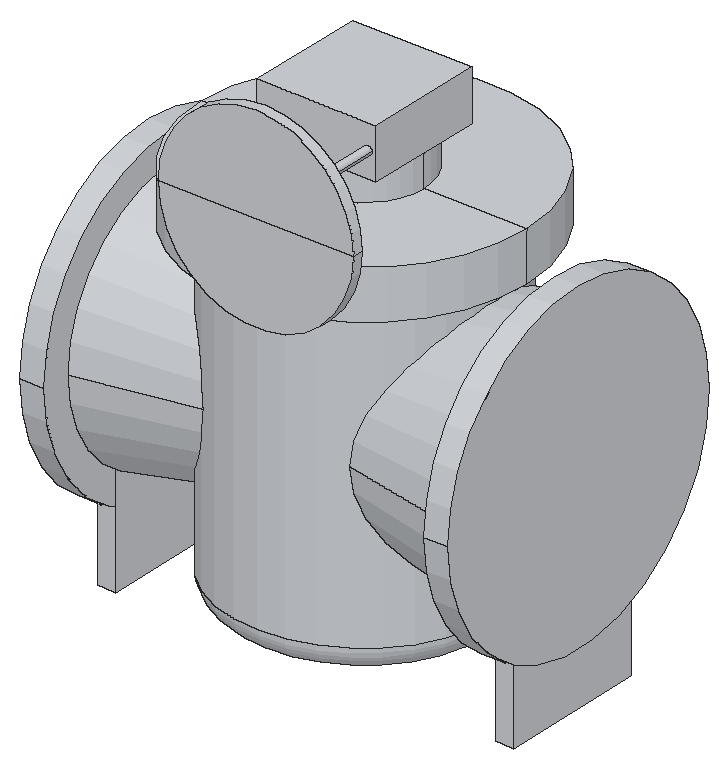
Revit family "f17d2474575947c581d04762b4c76229", category Pipe Accessories, Revit 2021
Family settings
  Round Connector Dimension = Use Radius
  Part Type = Valve - Breaks Into
  OmniClass Number = 23.65.55.14.17
  OmniClass Title = Adjusting/Controlling Valves for Liquid Services
  Work Plane-Based = No
  Always vertical = Yes
  Cut with Voids When Loaded = No
  Shared = No
Parameters (values of type "30"")
  Weight = 0.00 lbm
  Valve Material = none
  Symbol Length = 0.5 * Valve Length * tan(30.00°)  # 14.72243"
  Stem Radius = Valve Length / 10  # 5.1"
  Length 6 = Length 4 + Length 5 / 2  # 79.18446"
  Length 5 = Length 3 * Length 3 / Length 4  # 151.61893"
  Length 4 = Belly Radius - Body Radius  # 3 3/8"
  Length 3 = Valve Length / 2 - Flange Thickness  # 22 159/256"
  Length 2 = Stem Radius + 2"  # 7.1"
  Length 1 = Flange Radius  # 19 3/8"
  Hand Wheel Thickness = 1 1/4"  # constant formula
  Hand Wheel Offset = 23 3/4"
  Hand Wheel Diameter = 23 1/4"
  Gear Box Height = 6"
  Flange Diameter = 38 3/4"
  Depth = 26 3/8"
  Default Elevation = 0"
  Body Radius = Nominal Radius * 1.05 + 1/4"  # 16"
  Valve Height = 30 1/8"
  Nominal Radius = 15"
  Nominal Diameter = Nominal Radius * 2  # 30"
  K Coefficient = 7
  Hand Wheel Radius = Hand Wheel Diameter / 2  # 11 5/8"
  Hand Wheel Material = none
  Flange Thickness = 2 225/256"
  Flange Radius = Flange Diameter / 2  # 19 3/8"
  Bonnet Radius = Body Radius * 1.2 - Length 4  # 15.825"
  Bonnet Height = Body Radius + Flange Thickness / 2  # 17.43945"
  Valve Length = 51"
  Belly Radius = Flange Radius  # 19 3/8"
Types (4): name | Symbol Length | Stem Radius | Length 6 | Length 5 | Length 4 | Length 3 | Length 2 | Length 1 | Hand Wheel Offset | Hand Wheel Diameter | Gear Box Height | Flange Diameter | Depth | Body Radius | Valve Height | Nominal Radius | Nominal Diameter | Hand Wheel Radius | Flange Thickness | Flange Radius | Bonnet Radius | Bonnet Height | Valve Length | Belly Radius
  30" | 14.72243" | 5.1" | 79.18446" | 151.61893" | 3 3/8" | 22 159/256" | 7.1" | 19 3/8" | 23 3/4" | 23 1/4" | 6" | 38 3/4" | 26 3/8" | 16" | 30 1/8" | 15" | 30" | 11 5/8" | 2 225/256" | 19 3/8" | 15.825" | 17.43945" | 51" | 19 3/8"
  36" | 17.32051" | 6" | 99.37646" | 191.05292" | 3.85" | 27 31/256" | 8" | 23" | 25 9/16" | 24" | 6" | 46" | 28 13/16" | 19.15" | 33 1/4" | 18" | 36" | 12" | 2 225/256" | 23" | 19.13" | 20.58945" | 60" | 23"
  42" | 20.78461" | 7.2" | 133.84286" | 259.28571" | 4.2" | 33" | 9.2" | 26 1/2" | 27" | 24" | 6" | 53" | 32 3/4" | 22.3" | 44 5/8" | 21" | 42" | 12" | 3" | 26 1/2" | 22.56" | 23.8" | 72" | 26 1/2"
  48" | 24.24871" | 8.4" | 176.65465" | 344.7093" | 4.3" | 38 1/2" | 10.4" | 29 3/4" | 31" | 24" | 8" | 59 1/2" | 36" | 25.45" | 47 13/16" | 24" | 48" | 12" | 3 1/2" | 29 3/4" | 26.24" | 27.2" | 84" | 29 3/4"
Reference planes (in)
  plane 1 "Center (Front/Back)": y = 0
  plane 2: z = 0
  plane 3 "Center (Left/Right)": x = 0
  plane 4: x = -25.5
  plane 5: x = 25.5
  plane 6: x = -22.62109
  plane 7: x = 22.62109
  plane 8: z = 17.43945
  plane 9: z = 30.125
  plane 10: y = 19.375
  plane 11: y = -19.375
  plane 12: z = 20.31836
  plane 13: z = 20.41836
  plane 14: z = 23.29727
  plane 15: z = 33.125
  plane 16: z = 27.125
  plane 17: z = -26.375
  plane 18: y = -14.72243
  plane 19: y = 14.72243
  plane 20: x = 7.1
  plane 21: x = 6.1
  plane 22: y = -23.75
  plane 23: y = -7.1
  plane 24: y = 16
  plane 25: y = -73.38021
  plane 26: y = 16
  plane 27: y = 91.80946
  plane 28: y = 12.625
  plane 29: z = -22.375
  plane 30: z = -25.375
  plane 31: y = -8.75
  plane 32: y = 8.75
Forms (in)
  Extrusion 1, solid, material <- "Valve Material", detail levels fine
    sketch origin (0, 0, 0) x (0, 1, 0) y (0, 0, 1)
      loop
        circle (0, 0) r 19.375
    from -25.5 to -22.62109
  Extrusion 2, solid, material <- "Valve Material", detail levels fine
    sketch origin (0, 0, 0) x (0, 1, 0) y (0, 0, 1)
      loop
        circle (0, 0) r 19.375
    from 22.62109 to 25.5
  Extrusion 3, solid, material <- "Valve Material", detail levels fine
    sketch origin (0, 0, 0) x (1, 0, 0) y (0, 1, 0)
      loop
        circle (0, 0) r 5.1
    from -25.375 to -22.375
  Extrusion 4, solid, material <- "Valve Material", detail levels fine
    sketch origin (0, 0, 0) x (1, 0, 0) y (0, 1, 0)
      loop
        circle (0, 0) r 7.1
    from 23.29727 to 27.125
  Extrusion 5, solid, material <- "Hand Wheel Material", detail levels fine
    sketch origin (0, 0, 0) x (1, 0, 0) y (0, 1, 0)
      loop
        line (-7.1, 7.1) -> (-7.1, -7.1) -> (7.1, -7.1) -> (7.1, 7.1) -> (-7.1, 7.1)
    from 27.125 to 33.125
  Revolve 6, solid, material <- "Hand Wheel Material", detail levels fine
    sketch origin (-68.11146, -180, 30.125) x (-1, 0, 0) y (0, -1, 0)
      loop
        line (-74.21146, -172.9) -> (-73.71146, -172.9) -> (-73.71146, -157.5) -> (-62.58646, -157.5) -> (-62.58646, -156.25) -> (-74.21146, -156.25) -> (-74.21146, -172.9)
      axis (-74.21146, -172.9) -> (-74.21146, -156.25)
    angle from 0 to 360
  Revolve 7, solid, material <- "Valve Material", detail levels fine
    sketch origin (0, 0, 0) x (1, 0, 0) y (0, 1, 0)
      loop
        line (-22.62109, 15.92491) -> (-22.62109, 0) -> (22.62109, 0) -> (22.62109, 15.92491)
        arc (22.62109, 15.92491) -> (0, 12.625) -> (-22.62109, 15.92491) r 79.18446
      axis (-22.62109, 0) -> (22.62109, 0)
    angle from 0 to 360
  Revolve 8, solid, material <- "Valve Material", detail levels fine
    sketch origin (0, 0, 0) x (1, 0, 0) y (0, 0, 1)
      loop
        line (0, 23.29727) -> (-19.375, 23.29727) -> (-19.375, 17.43945) -> (-15.825, 17.43945) -> (-15.825, -19.375)
        arc (-15.825, -19.375) -> (-14.94632, -21.49632) -> (-12.825, -22.375) r 3
        line (-12.825, -22.375) -> (0, -22.375) -> (0, 23.29727)
      axis (0, 23.29727) -> (0, -22.375)
    angle from 0 to 360
  Extrusion 9, solid, material <- "Valve Material", detail levels fine
    sketch origin (0, 0, 0) x (1, 0, 0) y (0, 1, 0)
      loop
        line (-24.75, 8.75) -> (-24.75, -8.75) -> (-22.62109, -8.75) -> (-22.62109, 8.75) -> (-24.75, 8.75)
      loop
        line (22.62109, 8.75) -> (22.62109, -8.75) -> (24.75, -8.75) -> (24.75, 8.75) -> (22.62109, 8.75)
    from -26.375 to 0
Cuts and joins
  joined: Extrusion 1, Extrusion 2
Lines and regions (in)
  model lines, detail levels coarse+medium
    curve 1: line (-25.5, 14.72243, 0) -> (-25.5, -14.72243, 0)
    curve 2: line (25.5, 14.72243, 0) -> (25.5, -14.72243, 0)
    curve 3: line (25.5, -14.72243, 0) -> (-25.5, 14.72243, 0)
    curve 4: line (-25.5, -14.72243, 0) -> (25.5, 14.72243, 0)
Dimensions and locks (in)
  "Bonnet Height": plane 8 to plane 2
  "Valve Height": plane 9 to plane 2
  equal spacing: plane 10, plane 1 "Center (Front/Back)", plane 11
  "Flange Radius": plane 10 to plane 1 "Center (Front/Back)"
  equal spacing: plane 4, plane 3 "Center (Left/Right)", plane 5
  "Valve Length": plane 4 to plane 5
  "Flange Thickness": plane 4 to plane 6
  "Flange Thickness": plane 7 to plane 5
  "Flange Thickness": plane 12 to plane 8
  locked: plane 13 to plane 12 at 0.1
  "Flange Thickness": plane 14 to plane 13
  equal spacing: plane 15, plane 9, plane 16
  "Gear Box Height": plane 15 to plane 16
  "Depth": plane 2 to plane 17
  "Symbol Length": plane 19 to plane 1 "Center (Front/Back)"
  "Symbol Length": plane 1 "Center (Front/Back)" to plane 18
  "Length 2": plane 1 "Center (Front/Back)" to Extrusion 5 sketch curve  (x2)
  "Length 2": Extrusion 5 sketch curve to plane 3 "Center (Left/Right)"
  "Length 2": plane 3 "Center (Left/Right)" to Extrusion 5 sketch curve
  "Length 2": plane 3 "Center (Left/Right)" to plane 20
  "Hand Wheel Offset": plane 1 "Center (Front/Back)" to plane 22
  locked: plane 21 to plane 20 at 1
  "Length 2": plane 1 "Center (Front/Back)" to plane 23
  "Hand Wheel Thickness": Revolve 6 sketch curve to Revolve 6 sketch curve
  locked: Revolve 6 sketch curve to Revolve 6 sketch curve at 0.5
  "Hand Wheel Radius": Revolve 6 sketch curve to Revolve 6 sketch curve
  "Body Radius": plane 24 to plane 1 "Center (Front/Back)"
  "Body Radius": plane 26 to plane 1 "Center (Front/Back)"
  "Length 6": plane 27 to plane 28
  "Length 4": plane 26 to plane 28
  "Flange Radius": Revolve 8 sketch curve to Revolve 8 sketch curve
  "Bonnet Radius": Revolve 8 sketch curve to Revolve 8 sketch curve
  locked: plane 29 to plane 17 at 4
  locked: plane 30 to plane 17 at 1
  locked: plane 32 to plane 31 at 17.5
  equal spacing: plane 32, plane 1 "Center (Front/Back)", plane 31
  locked: Extrusion 9 sketch curve to plane 5 at 0.75
  locked: plane 4 to Extrusion 9 sketch curve at 0.75
  "Flange Radius": radius of Extrusion 1 sketch curve
  "Flange Radius": radius of Extrusion 2 sketch curve
  "Stem Radius": radius of Extrusion 3 sketch curve
  "Length 6": radius of Revolve 7 sketch curve
  radius of Revolve 8 sketch curve = 3"
  "Length 2": radius of Extrusion 4 sketch curve
  aligned and locked: plane 1 "Center (Front/Back)" to Extrusion 1 sketch curve
  aligned and locked: plane 2 to Extrusion 1 sketch curve
  aligned and locked: Extrusion 1 to plane 4
  aligned and locked: plane 6 to Extrusion 1
  aligned and locked: plane 1 "Center (Front/Back)" to Extrusion 2 sketch curve
  aligned and locked: plane 2 to Extrusion 2 sketch curve
  aligned and locked: plane 7 to Extrusion 2
  aligned and locked: plane 5 to Extrusion 2
  aligned and locked: cut or joined group of Extrusion 1, Extrusion 2 to plane 4
  aligned and locked: plane 5 to cut or joined group of Extrusion 1, Extrusion 2
  aligned and locked: plane 3 "Center (Left/Right)" to Extrusion 3 sketch curve
  aligned and locked: plane 1 "Center (Front/Back)" to Extrusion 3 sketch curve
  aligned and locked: Extrusion 4 to plane 14
  aligned and locked: curve 1 to plane 4
  aligned and locked: plane 18 to curve 1
  aligned and locked: plane 19 to curve 1
  aligned and locked: curve 2 to plane 19
  aligned and locked: curve 2 to plane 18
  aligned and locked: Extrusion 5 to plane 16
  aligned and locked: plane 15 to Extrusion 5
  aligned and locked: Revolve 6 sketch curve to plane 21
  aligned and locked: Revolve 6 sketch curve to Revolve 6 sketch curve
  aligned and locked: Revolve 6 sketch curve to plane 23
  aligned and locked: plane 1 "Center (Front/Back)" to Revolve 7 sketch curve
  aligned and locked: Revolve 7 sketch curve to plane 6
  aligned and locked: plane 7 to Revolve 7 sketch curve
  aligned and locked: plane 3 "Center (Left/Right)" to Revolve 7 sketch curve
  aligned and locked: plane 27 to Revolve 7 sketch curve
  aligned and locked: Revolve 8 sketch curve to plane 3 "Center (Left/Right)"
  aligned and locked: Revolve 8 sketch curve to Revolve 8 sketch curve
  aligned and locked: Revolve 8 sketch curve to plane 14
  aligned and locked: plane 8 to Revolve 8 sketch curve
  aligned and locked: plane 29 to Revolve 8 sketch curve
  aligned and locked: Extrusion 3 to plane 30
  aligned and locked: plane 29 to Extrusion 3
  aligned and locked: plane 16 to Extrusion 4
  aligned and locked: plane 3 "Center (Left/Right)" to Extrusion 4 sketch curve
  aligned and locked: plane 1 "Center (Front/Back)" to Extrusion 4 sketch curve
  aligned and locked: plane 31 to Extrusion 9 sketch curve  (x2)
  aligned and locked: plane 7 to Extrusion 9 sketch curve
  aligned and locked: Extrusion 9 sketch curve to plane 32  (x2)
  aligned and locked: Extrusion 9 sketch curve to plane 6
  aligned and locked: level to Extrusion 9
  aligned and locked: Extrusion 9 to plane 17
Automatic sketch dimensions
  curve 4 to plane 5 = 0"
  Revolve 6 sketch curve to plane 22 = 0"
  plane 10 to Revolve 6 sketch curve = 8.64153"
  Revolve 6 sketch curve to Revolve 6 sketch curve = 4.60847"
  plane 1 "Center (Front/Back)" to Revolve 7 sketch curve = 0"
  Revolve 7 sketch curve to Revolve 7 sketch curve = 9.84489"
  plane 5 to Revolve 7 sketch curve = 8.78239"
  Revolve 8 sketch curve to plane 17 = 7.90354"
  plane 15 to Revolve 8 sketch curve = 10.97146"
Connectors (in)
  piping at (-25.5, 0, 0), diameter 30, driven by "Nominal Radius"
    settings: on cut or joined group of Extrusion 1, Extrusion 2, index 1, connector inside diameter 2", connector length 0", flow factor 0, pipe flow 0 GPM, pressure drop 0.00 psi, fitting loss kfactor 0, connector angle 0.00°, fixture units 0, engagement length 0", angle of deflection 0.00°, flow configuration 0, flow direction 0, fitting loss method 2, system type 29, joint type 0, gender type 0, connector reference index 2, connector utility 0, adjustable connector no, is connector primary yes, connector description ""
  piping at (25.5, 0, 0), diameter 30, driven by "K Coefficient", driven by "Nominal Radius"
    settings: on cut or joined group of Extrusion 1, Extrusion 2, index 2, connector inside diameter 2", connector length 0", flow factor 0, pipe flow 0 GPM, pressure drop 0.00 psi, fitting loss kfactor 7, connector angle 0.00°, fixture units 0, engagement length 0", angle of deflection 0.00°, flow configuration 0, flow direction 0, fitting loss method 2, system type 29, joint type 0, gender type 0, connector reference index 1, connector utility 0, adjustable connector no, is connector primary no, connector description ""
